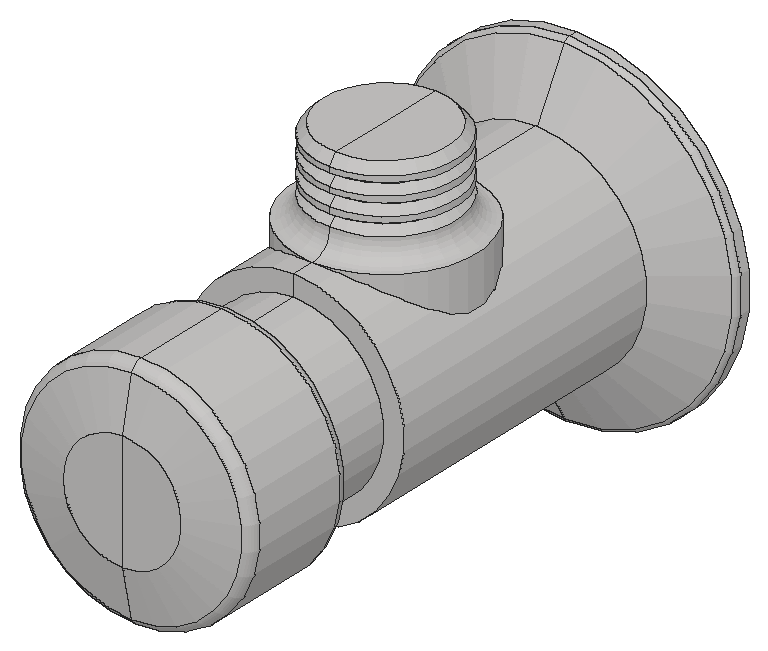
Revit family "auto-给水-八字阀", category Plumbing Fixtures, Revit 2020
Family settings
  Round Connector Dimension = Use Radius
  Part Type = Normal
  Work Plane-Based = No
  Always vertical = Yes
  Cut with Voids When Loaded = No
  Shared = No
  Room Calculation Point = No
Parameters (values of type "20mm")
  Youtube clip = ""
  Weight Net (Kg) = ""
  WarrantyDurationUnit = "10 years"
  WarrantyDescription = "Any manufacturing defect"
  Version = "v1"
  Uniformat II Description = ""
  Uniformat II Code = ""
  Uniclass 2015 Name = "Sanitary fittings and accessories"
  Uniclass 2015 Code = "Pr_40_20"
  Uniclass 2.0 Description = ""
  Uniclass 2.0 Code = ""
  Uniclass 1.4 Description = ""
  Uniclass 1.4 Code = ""
  URL = "http://www.delabie.com"
  UNSPSC Code = "301815"
  Type Comments = "Exposed time flow valve"
  Technical description = "http://www.delabie.com/products/778000"
  SerialNumber = "3456330009706"
  Region South America = "AR, BO, BR, CL, CO, EC, FK, GF, GY, PE, PY, SR, UY, VE"
  Region Oceania = "AU, FJ, NC, NZ, PG, SB, TL, VU"
  Region North America = "BS, BZ, CA, CR, CU, DO, GL, GT, HN, HT, JM, MX, NI, PA, PR, SV, TT, US"
  Region Middle East = "AE, AF, EG, IL, IQ, IR, JO, KW, LB, OM, PS, QA, SA, SY, TR, YE"
  Region Europe = "AL, AT, BA, BE, BG, BY, CH, CY, CZ, DE, DK, EE, ES, FI, FR, GB, GR, HR, HU, IE, IS, IT, LT, LU, LV, MD, ME, MK, NL, NO, PL, PT, RO, RS, RU, SE, SI, SJ, SK, UA"
  Region Asia = "AM, AZ, BD, BN, BT, CN, GE, ID, IN, JP, KG, KH, KP, KR, KZ, LA, LK, MM, MN, MY, NP, PH, PK, TH, TJ, TM, TW, UZ, VN"
  Region Antarctica = "TF"
  Region Africa = "AO, BF, BI, BJ, BW, CD, CF, CG, CI, CM, DJ, DZ, EH, ER, ET, GA, GH, GM, GN, GQ, GW, KE, LR, LS, LY, MA, MG, ML, MR, MW, MZ, NA, NE, NG, RW, SD, SL, SN, SO, SS, SZ, TD, TG, TN, TZ, UG, ZA, ZM, ZW"
  Radius = 10 mm
  QR code = "http://bimobject.com/delabie/product/778000"
  ProductInformation = "http://www.delabie.com/products/778000"
  Product url = "http://www.delabie.com/products/778000"
  Product group = "Urinal valve"
  Product family = "Sanitary"
  Product data url = "https://bimobject.com/delabie/product/778000"
  Product certification = "http://www.delabie.com/products/778000"
  Product SKU = "778000"
  Product Guid = "067b6904-62de-4aa2-9ca1-2c2be94a5140"
  Operation = "Time flow valve"
  OmniClass Description = "Water Flush Urinals"
  OmniClass Code = "23-31 21 13"
  Nominal width = 0 mm
  Nominal height = 0 mm
  Name = "TEMPOSTOP"
  NBS Reference Description = ""
  NBS Reference Code = ""
  ModelNumber = "778000"
  Model = "TEMPOSTOP"
  Material secondary = ""
  Material main = "Brass"
  Material = Solid brass
  Masterformat 2014 Description = ""
  Masterformat 2014 Code = ""
  ManufacturerURL = "http://www.delabie.com"
  ManufacturerName = "DELABIE"
  Manufacturer name = ""
  Manufacturer country = "France"
  Manufacturer = "DELABIE"
  IntegralAccessoryOptions = "Neck tube, floor trap, siphon"
  Installation instructions = "http://www.delabie.com/products/778000"
  IFC Classification = "Sanitary Terminal"
  Grade = "VA APPROVAL"
  FlowRate lps = "0.15 l/s"
  FlowRate lpm = "9 l/min at 3 bar"
  Finish = Chrome-plated
  Features  = "Exposed time flow urinal valve:\r\nFor standard, siphon action, or stall urinals.\r\nTime flow ~3 sec.\r\nFlow rate pre-set at 0.15 l/sec., can be adjusted.\r\nChrome-plated solid brass body M½\".\r\nWall plate.\r\nAngled for recessed inlet."
  Edition number = 1
  EAN code = "https://3456330009706"
  Design country = "France"
  Description = "French manufacturer Delabie is a leader in the European sanitary ware market for non-domestic places. Water controls, solutions for disabled people, sanitary ware, for schools, leisure centres, offices, hospitals, airports…"
  Default Elevation = 0 mm
  Date of publishing = "4/20/2017"
  Category = "Urinal valve"
  COBIe Type Category = ""
  Brand url = "http://www.delabie.co.uk"
  BIMobject category = "Taps & Mixers"
  Assembly Code = ""
Types (3, lengths in mm): name | Radius
  20mm | 10
  15mm | 7.5
  上水-角阀 | 10.3
Reference planes
  plane 1 "Center (Front/Back)": y = 0
  plane 2: z = 0
  plane 3 "Center (Left/Right)": x = 0
Forms (mm)
  Revolve 1, solid, material "Laiton massif chromé"
    sketch origin (0, -41.523, -24.732) x (0, -1, 0) y (0, 0, 1)
      loop
        line (-54.023, 24.732) -> (-54.023, 15.682) -> (-53.257, 14.916) -> (-52.847, 15.796) -> (-52.036, 14.058) -> (-51.033, 15.664) -> (-50.281, 14.051) -> (-49.236, 15.724) -> (-48.387, 13.905) -> (-47.452, 15.664) -> (-46.7, 14.051) -> (-45.655, 15.724) -> (-44.806, 13.905) -> (-43.839, 15.724) -> (-42.991, 13.905) -> (-42.055, 15.665) -> (-41.523, 14.522) -> (-41.523, -0.268) -> (-40.114, -0.268)
        arc (-40.114, -0.268) -> (-39.605, -0.128) -> (-39.238, 0.25) r 1.006
        line (-39.238, 0.25) -> (-34.055, 9.6) -> (-34.055, 8.732) -> (9.977, 8.732) -> (9.977, 11.732) -> (21.577, 11.732) -> (21.577, 8.984)
        arc (21.577, 8.984) -> (22.017, 7.924) -> (23.077, 7.485) r 1.5
        line (23.077, 7.485) -> (37.553, 7.485)
        arc (37.553, 7.485) -> (38.646, 7.81) -> (39.383, 8.679) r 2
        line (39.383, 8.679) -> (41.077, 16.168) -> (41.077, 24.732) -> (-54.023, 24.732)
      axis (41.077, 24.732) -> (-54.023, 24.732)
    angle from 0 to 360
  Revolve 2, solid, material "Laiton massif chromé"
    sketch origin (0, -41.523, -24.732) x (0, -1, 0) y (0, 0, 1)
      loop
        line (-6.777, 53.232) -> (-6.777, 28.818) -> (6.473, 28.818) -> (6.473, 40.732)
        arc (6.473, 40.732) -> (4.257, 41.71) -> (3.486, 44.007) r 3
        line (3.486, 44.007) -> (2.369, 45.124) -> (3.466, 45.783) -> (3.466, 46.667) -> (2.369, 47.764) -> (3.466, 48.423) -> (3.466, 49.307) -> (2.369, 50.404) -> (3.466, 51.063) -> (3.466, 51.9) -> (2.267, 53.232) -> (-6.777, 53.232)
      axis (-6.777, 53.232) -> (-6.777, 28.818)
    angle from 0 to 360
Connectors
  piping at (0, 0, 0), diameter 20, driven by "Radius"
    settings: on Revolve 1, index 2, connector inside diameter 20.6 mm, connector length 0 mm, flow factor 0, pipe flow 0.0 L/s, pressure drop 0.0 Pa, fitting loss kfactor 0, connector angle 0.00°, fixture units 0, engagement length 0 mm, angle of deflection 0.00°, flow configuration 0, flow direction 1, fitting loss method 0, system type 20, joint type 0, gender type 0, connector reference index -1, connector utility 0, adjustable connector no, is connector primary yes, connector description "In -Cold water"
  piping at (0, -34.746, 28.5), diameter 15
    settings: on Revolve 2, index 3, connector inside diameter 609.6 mm, connector length 0 mm, flow factor 0, pipe flow 0.0 L/s, pressure drop 0.0 Pa, fitting loss kfactor 0, connector angle 0.00°, fixture units 0, engagement length 0 mm, angle of deflection 0.00°, flow configuration 0, flow direction 0, fitting loss method 0, system type 20, joint type 0, gender type 0, connector reference index -1, connector utility 0, adjustable connector no, is connector primary no, connector description ""
